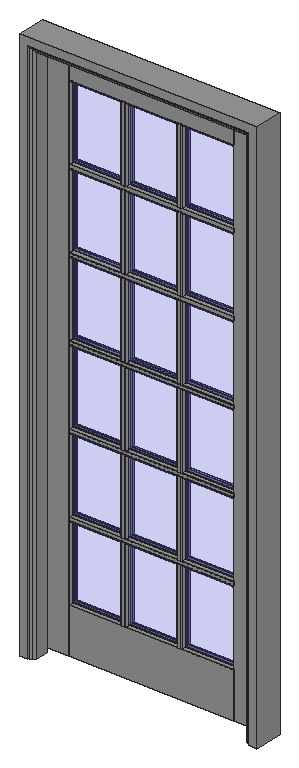
Revit family "I18LIGHT", category Doors, host Wall, Revit 2013
Parameters (values of type "I18LIGHT")
  Function = Interior
  Frame Projection Ext. = 25 mm
  Frame Projection Int. = 25 mm
  Frame Width = 75 mm
  Height = 2090 mm
  Wall Closure = By host
  Width = 889 mm
Reference planes
  plane 1: y = 0
  plane 2 "Center (Left/Right)": x = 0
  plane 3 "Left": x = -444.5
  plane 4 "Right": x = 444.5
  plane 5: z = 2090
  plane 6 "Exterior": y = 75
  plane 7 "Interior": y = -75
Forms (mm)
  Sweep 1, solid, material "Lauan, Meranti"
    path origin (0, 75, 0) x (1, 0, 0) y (0, 0, 1)
      loop
        line (444.5, 0) -> (444.5, 2090) -> (-444.5, 2090) -> (-444.5, 0)
    profile "Van Acht 105x50 Door Frame Routed Profile (Heavy) : Van Acht 105x50 Door Frame Routed Profile (Heavy)" origin (444.5, 75, 1045) x (-1, 0, 0) y (0, -1, 0)
      loop
        line (0, 22.5) -> (38, 22.5) -> (38, 67.5) -> (50, 67.5) -> (50, 112.5)
        arc (50, 112.5) -> (44.957, 114.29) -> (42.17, 118.859) r 8
        line (42.17, 118.859) -> (39, 118.859)
        arc (39, 118.859) -> (35.311, 122.973) -> (30, 124.5) r 10
        line (30, 124.5) -> (30, 127.5) -> (0, 127.5) -> (0, 22.5)
  Extrusion 2, solid, material "Lauan, Meranti"
    sketch origin (-203.551, -85, 0) x (0, 1, 0) y (0, 0, 1)
      loop
        line (132.5, 20) -> (132.5, 191) -> (102.5, 191) -> (102.5, 200) -> (100.5, 200) -> (100.5, 198)
        arc (100.5, 198) -> (96.134, 195.67) -> (94.5, 191) r 6.807
        line (94.5, 191) -> (92.5, 191) -> (92.5, 20) -> (132.5, 20)
      loop
        line (102.5, 1956) -> (132.5, 1956) -> (132.5, 2052) -> (92.5, 2052) -> (92.5, 1956) -> (94.5, 1956)
        arc (94.5, 1956) -> (96.134, 1951.33) -> (100.5, 1949) r 6.807
        line (100.5, 1949) -> (100.5, 1947) -> (102.5, 1947) -> (102.5, 1956)
    from -106.949 to 514.051
  Extrusion 3, solid, material "Lauan, Meranti"
    sketch origin (-411.5, 0, 0) x (1, 0, 0) y (0, 1, 0)
      loop
        line (722, 17.5) -> (713, 17.5) -> (713, 15.5) -> (715, 15.5)
        arc (715, 15.5) -> (717.33, 11.134) -> (722, 9.5) r 6.807
        line (722, 9.5) -> (722, 7.5) -> (818, 7.5) -> (818, 47.5) -> (722, 47.5) -> (722, 17.5)
      loop
        line (101, 17.5) -> (101, 47.5) -> (5, 47.5) -> (5, 7.5) -> (101, 7.5) -> (101, 9.5)
        arc (101, 9.5) -> (105.67, 11.134) -> (108, 15.5) r 6.807
        line (108, 15.5) -> (110, 15.5) -> (110, 17.5) -> (101, 17.5)
    from 20 to 2052
  Extrusion 4, solid, material "Lauan, Meranti"
    sketch origin (-164.346, 0, 1439.918) x (1, 0, 0) y (0, 1, 0)
      loop
        line (254.513, 17.5) -> (254.513, 15.5) -> (256.513, 15.5)
        arc (256.513, 15.5) -> (258.843, 11.134) -> (263.513, 9.5) r 6.807
        line (263.513, 9.5) -> (263.513, 7.5) -> (276.513, 7.5) -> (276.513, 9.5)
        arc (276.513, 9.5) -> (281.183, 11.134) -> (283.513, 15.5) r 6.807
        line (283.513, 15.5) -> (285.513, 15.5) -> (285.513, 17.5) -> (276.513, 17.5) -> (276.513, 47.5) -> (263.513, 47.5) -> (263.513, 17.5) -> (254.513, 17.5)
      loop
        line (74.18, 17.5) -> (65.18, 17.5) -> (65.18, 47.5) -> (52.18, 47.5) -> (52.18, 17.5) -> (43.18, 17.5) -> (43.18, 15.5) -> (45.18, 15.5)
        arc (45.18, 15.5) -> (47.509, 11.134) -> (52.18, 9.5) r 6.807
        line (52.18, 9.5) -> (52.18, 7.5) -> (65.18, 7.5) -> (65.18, 9.5)
        arc (65.18, 9.5) -> (69.85, 11.134) -> (72.18, 15.5) r 6.807
        line (72.18, 15.5) -> (74.18, 15.5) -> (74.18, 17.5)
    from 232.749 to 516.082
  Extrusion 5, solid, material "Lauan, Meranti"
    sketch origin (-411.51, 0, 0) x (0, 1, 0) y (0, 0, 1)
      loop
        line (17.5, 1650.667) -> (17.5, 1659.667) -> (47.5, 1659.667) -> (47.5, 1672.667) -> (17.5, 1672.667) -> (17.5, 1681.667) -> (15.5, 1681.667) -> (15.5, 1679.667)
        arc (15.5, 1679.667) -> (11.134, 1677.337) -> (9.5, 1672.667) r 6.807
        line (9.5, 1672.667) -> (7.5, 1672.667) -> (7.5, 1659.667) -> (9.5, 1659.667)
        arc (9.5, 1659.667) -> (11.134, 1654.996) -> (15.5, 1652.667) r 6.807
        line (15.5, 1652.667) -> (15.5, 1650.667) -> (17.5, 1650.667)
    from 101 to 722.01
  Extrusion 6, solid, material "Lauan, Meranti"
    sketch origin (-411.51, 0, -296.333) x (0, 1, 0) y (0, 0, 1)
      loop
        line (17.5, 1650.667) -> (17.5, 1659.667) -> (47.5, 1659.667) -> (47.5, 1672.667) -> (17.5, 1672.667) -> (17.5, 1681.667) -> (15.5, 1681.667) -> (15.5, 1679.667)
        arc (15.5, 1679.667) -> (11.134, 1677.337) -> (9.5, 1672.667) r 6.807
        line (9.5, 1672.667) -> (7.5, 1672.667) -> (7.5, 1659.667) -> (9.5, 1659.667)
        arc (9.5, 1659.667) -> (11.134, 1654.996) -> (15.5, 1652.667) r 6.807
        line (15.5, 1652.667) -> (15.5, 1650.667) -> (17.5, 1650.667)
    from 101 to 722.01
  Extrusion 7, solid, material "Lauan, Meranti"
    sketch origin (-411.51, 0, -592.667) x (0, 1, 0) y (0, 0, 1)
      loop
        line (17.5, 1650.667) -> (17.5, 1659.667) -> (47.5, 1659.667) -> (47.5, 1672.667) -> (17.5, 1672.667) -> (17.5, 1681.667) -> (15.5, 1681.667) -> (15.5, 1679.667)
        arc (15.5, 1679.667) -> (11.134, 1677.337) -> (9.5, 1672.667) r 6.807
        line (9.5, 1672.667) -> (7.5, 1672.667) -> (7.5, 1659.667) -> (9.5, 1659.667)
        arc (9.5, 1659.667) -> (11.134, 1654.996) -> (15.5, 1652.667) r 6.807
        line (15.5, 1652.667) -> (15.5, 1650.667) -> (17.5, 1650.667)
    from 101 to 722.01
  Extrusion 8, solid, material "Lauan, Meranti"
    sketch origin (-411.51, 0, -889) x (0, 1, 0) y (0, 0, 1)
      loop
        line (17.5, 1650.667) -> (17.5, 1659.667) -> (47.5, 1659.667) -> (47.5, 1672.667) -> (17.5, 1672.667) -> (17.5, 1681.667) -> (15.5, 1681.667) -> (15.5, 1679.667)
        arc (15.5, 1679.667) -> (11.134, 1677.337) -> (9.5, 1672.667) r 6.807
        line (9.5, 1672.667) -> (7.5, 1672.667) -> (7.5, 1659.667) -> (9.5, 1659.667)
        arc (9.5, 1659.667) -> (11.134, 1654.996) -> (15.5, 1652.667) r 6.807
        line (15.5, 1652.667) -> (15.5, 1650.667) -> (17.5, 1650.667)
    from 101 to 722.01
  Extrusion 9, solid, material "Lauan, Meranti"
    sketch origin (-411.51, 0, -1185.333) x (0, 1, 0) y (0, 0, 1)
      loop
        line (17.5, 1650.667) -> (17.5, 1659.667) -> (47.5, 1659.667) -> (47.5, 1672.667) -> (17.5, 1672.667) -> (17.5, 1681.667) -> (15.5, 1681.667) -> (15.5, 1679.667)
        arc (15.5, 1679.667) -> (11.134, 1677.337) -> (9.5, 1672.667) r 6.807
        line (9.5, 1672.667) -> (7.5, 1672.667) -> (7.5, 1659.667) -> (9.5, 1659.667)
        arc (9.5, 1659.667) -> (11.134, 1654.996) -> (15.5, 1652.667) r 6.807
        line (15.5, 1652.667) -> (15.5, 1650.667) -> (17.5, 1650.667)
    from 101 to 722.01
  Extrusion 10, solid, material "Glass"
    sketch origin (-627, 75, 0) x (1, 0, 0) y (0, 0, 1)
      loop
        line (514.833, 1956) -> (316.5, 1956) -> (316.5, 1672.667) -> (514.833, 1672.667) -> (514.833, 1956)
    from 49.5 to 57.5
  Sweep 11, solid, material "Lauan, Meranti"
    path origin (-627, 75, 0) x (1, 0, 0) y (0, 0, 1)
      loop
        line (514.833, 1956) -> (316.5, 1956) -> (316.5, 1672.667) -> (514.833, 1672.667) -> (514.833, 1956)
    profile origin (-211.333, 75, 1956) x (0, 0, -1) y (0, -1, 0)
      loop
        line (9, 49.5) -> (0, 49.5) -> (0, 41.5)
        arc (0, 41.5) -> (4.67, 43.134) -> (7, 47.5) r 6.807
        line (7, 47.5) -> (9, 47.5) -> (9, 49.5)
  Extrusion 12, solid, material "Lauan, Meranti"
    sketch origin (-164.346, 0, 1143.584) x (1, 0, 0) y (0, 1, 0)
      loop
        line (254.513, 17.5) -> (254.513, 15.5) -> (256.513, 15.5)
        arc (256.513, 15.5) -> (258.843, 11.134) -> (263.513, 9.5) r 6.807
        line (263.513, 9.5) -> (263.513, 7.5) -> (276.513, 7.5) -> (276.513, 9.5)
        arc (276.513, 9.5) -> (281.183, 11.134) -> (283.513, 15.5) r 6.807
        line (283.513, 15.5) -> (285.513, 15.5) -> (285.513, 17.5) -> (276.513, 17.5) -> (276.513, 47.5) -> (263.513, 47.5) -> (263.513, 17.5) -> (254.513, 17.5)
      loop
        line (74.18, 17.5) -> (65.18, 17.5) -> (65.18, 47.5) -> (52.18, 47.5) -> (52.18, 17.5) -> (43.18, 17.5) -> (43.18, 15.5) -> (45.18, 15.5)
        arc (45.18, 15.5) -> (47.509, 11.134) -> (52.18, 9.5) r 6.807
        line (52.18, 9.5) -> (52.18, 7.5) -> (65.18, 7.5) -> (65.18, 9.5)
        arc (65.18, 9.5) -> (69.85, 11.134) -> (72.18, 15.5) r 6.807
        line (72.18, 15.5) -> (74.18, 15.5) -> (74.18, 17.5)
    from 232.749 to 516.082
  Extrusion 13, solid, material "Lauan, Meranti"
    sketch origin (-164.346, 0, 847.251) x (1, 0, 0) y (0, 1, 0)
      loop
        line (254.513, 17.5) -> (254.513, 15.5) -> (256.513, 15.5)
        arc (256.513, 15.5) -> (258.843, 11.134) -> (263.513, 9.5) r 6.807
        line (263.513, 9.5) -> (263.513, 7.5) -> (276.513, 7.5) -> (276.513, 9.5)
        arc (276.513, 9.5) -> (281.183, 11.134) -> (283.513, 15.5) r 6.807
        line (283.513, 15.5) -> (285.513, 15.5) -> (285.513, 17.5) -> (276.513, 17.5) -> (276.513, 47.5) -> (263.513, 47.5) -> (263.513, 17.5) -> (254.513, 17.5)
      loop
        line (74.18, 17.5) -> (65.18, 17.5) -> (65.18, 47.5) -> (52.18, 47.5) -> (52.18, 17.5) -> (43.18, 17.5) -> (43.18, 15.5) -> (45.18, 15.5)
        arc (45.18, 15.5) -> (47.509, 11.134) -> (52.18, 9.5) r 6.807
        line (52.18, 9.5) -> (52.18, 7.5) -> (65.18, 7.5) -> (65.18, 9.5)
        arc (65.18, 9.5) -> (69.85, 11.134) -> (72.18, 15.5) r 6.807
        line (72.18, 15.5) -> (74.18, 15.5) -> (74.18, 17.5)
    from 232.749 to 516.082
  Extrusion 14, solid, material "Lauan, Meranti"
    sketch origin (-164.346, 0, 550.918) x (1, 0, 0) y (0, 1, 0)
      loop
        line (254.513, 17.5) -> (254.513, 15.5) -> (256.513, 15.5)
        arc (256.513, 15.5) -> (258.843, 11.134) -> (263.513, 9.5) r 6.807
        line (263.513, 9.5) -> (263.513, 7.5) -> (276.513, 7.5) -> (276.513, 9.5)
        arc (276.513, 9.5) -> (281.183, 11.134) -> (283.513, 15.5) r 6.807
        line (283.513, 15.5) -> (285.513, 15.5) -> (285.513, 17.5) -> (276.513, 17.5) -> (276.513, 47.5) -> (263.513, 47.5) -> (263.513, 17.5) -> (254.513, 17.5)
      loop
        line (74.18, 17.5) -> (65.18, 17.5) -> (65.18, 47.5) -> (52.18, 47.5) -> (52.18, 17.5) -> (43.18, 17.5) -> (43.18, 15.5) -> (45.18, 15.5)
        arc (45.18, 15.5) -> (47.509, 11.134) -> (52.18, 9.5) r 6.807
        line (52.18, 9.5) -> (52.18, 7.5) -> (65.18, 7.5) -> (65.18, 9.5)
        arc (65.18, 9.5) -> (69.85, 11.134) -> (72.18, 15.5) r 6.807
        line (72.18, 15.5) -> (74.18, 15.5) -> (74.18, 17.5)
    from 232.749 to 516.082
  Extrusion 15, solid, material "Lauan, Meranti"
    sketch origin (-164.346, 0, 254.584) x (1, 0, 0) y (0, 1, 0)
      loop
        line (254.513, 17.5) -> (254.513, 15.5) -> (256.513, 15.5)
        arc (256.513, 15.5) -> (258.843, 11.134) -> (263.513, 9.5) r 6.807
        line (263.513, 9.5) -> (263.513, 7.5) -> (276.513, 7.5) -> (276.513, 9.5)
        arc (276.513, 9.5) -> (281.183, 11.134) -> (283.513, 15.5) r 6.807
        line (283.513, 15.5) -> (285.513, 15.5) -> (285.513, 17.5) -> (276.513, 17.5) -> (276.513, 47.5) -> (263.513, 47.5) -> (263.513, 17.5) -> (254.513, 17.5)
      loop
        line (74.18, 17.5) -> (65.18, 17.5) -> (65.18, 47.5) -> (52.18, 47.5) -> (52.18, 17.5) -> (43.18, 17.5) -> (43.18, 15.5) -> (45.18, 15.5)
        arc (45.18, 15.5) -> (47.509, 11.134) -> (52.18, 9.5) r 6.807
        line (52.18, 9.5) -> (52.18, 7.5) -> (65.18, 7.5) -> (65.18, 9.5)
        arc (65.18, 9.5) -> (69.85, 11.134) -> (72.18, 15.5) r 6.807
        line (72.18, 15.5) -> (74.18, 15.5) -> (74.18, 17.5)
    from 232.749 to 516.082
  Extrusion 16, solid, material "Lauan, Meranti"
    sketch origin (-164.346, 0, -41.749) x (1, 0, 0) y (0, 1, 0)
      loop
        line (254.513, 17.5) -> (254.513, 15.5) -> (256.513, 15.5)
        arc (256.513, 15.5) -> (258.843, 11.134) -> (263.513, 9.5) r 6.807
        line (263.513, 9.5) -> (263.513, 7.5) -> (276.513, 7.5) -> (276.513, 9.5)
        arc (276.513, 9.5) -> (281.183, 11.134) -> (283.513, 15.5) r 6.807
        line (283.513, 15.5) -> (285.513, 15.5) -> (285.513, 17.5) -> (276.513, 17.5) -> (276.513, 47.5) -> (263.513, 47.5) -> (263.513, 17.5) -> (254.513, 17.5)
      loop
        line (74.18, 17.5) -> (65.18, 17.5) -> (65.18, 47.5) -> (52.18, 47.5) -> (52.18, 17.5) -> (43.18, 17.5) -> (43.18, 15.5) -> (45.18, 15.5)
        arc (45.18, 15.5) -> (47.509, 11.134) -> (52.18, 9.5) r 6.807
        line (52.18, 9.5) -> (52.18, 7.5) -> (65.18, 7.5) -> (65.18, 9.5)
        arc (65.18, 9.5) -> (69.85, 11.134) -> (72.18, 15.5) r 6.807
        line (72.18, 15.5) -> (74.18, 15.5) -> (74.18, 17.5)
    from 232.749 to 516.082
  Extrusion 17, solid, material "Glass"
    sketch origin (-415.667, 75, 0) x (1, 0, 0) y (0, 0, 1)
      loop
        line (514.833, 1956) -> (316.5, 1956) -> (316.5, 1672.667) -> (514.833, 1672.667) -> (514.833, 1956)
    from 49.5 to 57.5
  Extrusion 18, solid, material "Glass"
    sketch origin (-204.333, 75, 0) x (1, 0, 0) y (0, 0, 1)
      loop
        line (514.833, 1956) -> (316.5, 1956) -> (316.5, 1672.667) -> (514.833, 1672.667) -> (514.833, 1956)
    from 49.5 to 57.5
  Extrusion 19, solid, material "Glass"
    sketch origin (-627, 75, -296.333) x (1, 0, 0) y (0, 0, 1)
      loop
        line (514.833, 1956) -> (316.5, 1956) -> (316.5, 1672.667) -> (514.833, 1672.667) -> (514.833, 1956)
    from 49.5 to 57.5
  Extrusion 20, solid, material "Glass"
    sketch origin (-415.667, 75, -296.333) x (1, 0, 0) y (0, 0, 1)
      loop
        line (514.833, 1956) -> (316.5, 1956) -> (316.5, 1672.667) -> (514.833, 1672.667) -> (514.833, 1956)
    from 49.5 to 57.5
  Extrusion 21, solid, material "Glass"
    sketch origin (-204.333, 75, -296.333) x (1, 0, 0) y (0, 0, 1)
      loop
        line (514.833, 1956) -> (316.5, 1956) -> (316.5, 1672.667) -> (514.833, 1672.667) -> (514.833, 1956)
    from 49.5 to 57.5
  Extrusion 22, solid, material "Glass"
    sketch origin (-627, 75, -592.667) x (1, 0, 0) y (0, 0, 1)
      loop
        line (514.833, 1956) -> (316.5, 1956) -> (316.5, 1672.667) -> (514.833, 1672.667) -> (514.833, 1956)
    from 49.5 to 57.5
  Extrusion 23, solid, material "Glass"
    sketch origin (-415.667, 75, -592.667) x (1, 0, 0) y (0, 0, 1)
      loop
        line (514.833, 1956) -> (316.5, 1956) -> (316.5, 1672.667) -> (514.833, 1672.667) -> (514.833, 1956)
    from 49.5 to 57.5
  Extrusion 24, solid, material "Glass"
    sketch origin (-204.333, 75, -592.667) x (1, 0, 0) y (0, 0, 1)
      loop
        line (514.833, 1956) -> (316.5, 1956) -> (316.5, 1672.667) -> (514.833, 1672.667) -> (514.833, 1956)
    from 49.5 to 57.5
  Extrusion 25, solid, material "Glass"
    sketch origin (-627, 75, -889) x (1, 0, 0) y (0, 0, 1)
      loop
        line (514.833, 1956) -> (316.5, 1956) -> (316.5, 1672.667) -> (514.833, 1672.667) -> (514.833, 1956)
    from 49.5 to 57.5
  Extrusion 26, solid, material "Glass"
    sketch origin (-415.667, 75, -889) x (1, 0, 0) y (0, 0, 1)
      loop
        line (514.833, 1956) -> (316.5, 1956) -> (316.5, 1672.667) -> (514.833, 1672.667) -> (514.833, 1956)
    from 49.5 to 57.5
  Extrusion 27, solid, material "Glass"
    sketch origin (-204.333, 75, -889) x (1, 0, 0) y (0, 0, 1)
      loop
        line (514.833, 1956) -> (316.5, 1956) -> (316.5, 1672.667) -> (514.833, 1672.667) -> (514.833, 1956)
    from 49.5 to 57.5
  Extrusion 28, solid, material "Glass"
    sketch origin (-627, 75, -1185.333) x (1, 0, 0) y (0, 0, 1)
      loop
        line (514.833, 1956) -> (316.5, 1956) -> (316.5, 1672.667) -> (514.833, 1672.667) -> (514.833, 1956)
    from 49.5 to 57.5
  Extrusion 29, solid, material "Glass"
    sketch origin (-415.667, 75, -1185.333) x (1, 0, 0) y (0, 0, 1)
      loop
        line (514.833, 1956) -> (316.5, 1956) -> (316.5, 1672.667) -> (514.833, 1672.667) -> (514.833, 1956)
    from 49.5 to 57.5
  Extrusion 30, solid, material "Glass"
    sketch origin (-204.333, 75, -1185.333) x (1, 0, 0) y (0, 0, 1)
      loop
        line (514.833, 1956) -> (316.5, 1956) -> (316.5, 1672.667) -> (514.833, 1672.667) -> (514.833, 1956)
    from 49.5 to 57.5
  Extrusion 31, solid, material "Glass"
    sketch origin (-627, 75, -1481.667) x (1, 0, 0) y (0, 0, 1)
      loop
        line (514.833, 1956) -> (316.5, 1956) -> (316.5, 1672.667) -> (514.833, 1672.667) -> (514.833, 1956)
    from 49.5 to 57.5
  Extrusion 32, solid, material "Glass"
    sketch origin (-415.667, 75, -1481.667) x (1, 0, 0) y (0, 0, 1)
      loop
        line (514.833, 1956) -> (316.5, 1956) -> (316.5, 1672.667) -> (514.833, 1672.667) -> (514.833, 1956)
    from 49.5 to 57.5
  Extrusion 33, solid, material "Glass"
    sketch origin (-204.333, 75, -1481.667) x (1, 0, 0) y (0, 0, 1)
      loop
        line (514.833, 1956) -> (316.5, 1956) -> (316.5, 1672.667) -> (514.833, 1672.667) -> (514.833, 1956)
    from 49.5 to 57.5
  Sweep 34, solid, material "Lauan, Meranti"
    path origin (-415.914, 75, 0) x (1, 0, 0) y (0, 0, 1)
      loop
        line (515.081, 1956) -> (316.747, 1956) -> (316.747, 1672.667) -> (515.081, 1672.667) -> (515.081, 1956)
    profile origin (0, 75, 1956) x (0, 0, -1) y (0, -1, 0)
      loop
        line (9, 49.5) -> (0, 49.5) -> (0, 41.5)
        arc (0, 41.5) -> (4.67, 43.134) -> (7, 47.5) r 6.807
        line (7, 47.5) -> (9, 47.5) -> (9, 49.5)
  Sweep 35, solid, material "Lauan, Meranti"
    path origin (-204.344, 75, 0) x (1, 0, 0) y (0, 0, 1)
      loop
        line (514.833, 1956) -> (316.5, 1956) -> (316.5, 1672.667) -> (514.833, 1672.667) -> (514.833, 1956)
    profile origin (211.322, 75, 1956) x (0, 0, -1) y (0, -1, 0)
      loop
        line (9, 49.5) -> (0, 49.5) -> (0, 41.5)
        arc (0, 41.5) -> (4.67, 43.134) -> (7, 47.5) r 6.807
        line (7, 47.5) -> (9, 47.5) -> (9, 49.5)
  Sweep 36, solid, material "Lauan, Meranti"
    path origin (-627, 75, -296.333) x (1, 0, 0) y (0, 0, 1)
      loop
        line (514.833, 1956) -> (316.5, 1956) -> (316.5, 1672.667) -> (514.833, 1672.667) -> (514.833, 1956)
    profile origin (-211.333, 75, 1659.667) x (0, 0, -1) y (0, -1, 0)
      loop
        line (9, 49.5) -> (0, 49.5) -> (0, 41.5)
        arc (0, 41.5) -> (4.67, 43.134) -> (7, 47.5) r 6.807
        line (7, 47.5) -> (9, 47.5) -> (9, 49.5)
  Sweep 37, solid, material "Lauan, Meranti"
    path origin (-415.914, 75, -296.333) x (1, 0, 0) y (0, 0, 1)
      loop
        line (515.081, 1956) -> (316.747, 1956) -> (316.747, 1672.667) -> (515.081, 1672.667) -> (515.081, 1956)
    profile origin (0, 75, 1659.667) x (0, 0, -1) y (0, -1, 0)
      loop
        line (9, 49.5) -> (0, 49.5) -> (0, 41.5)
        arc (0, 41.5) -> (4.67, 43.134) -> (7, 47.5) r 6.807
        line (7, 47.5) -> (9, 47.5) -> (9, 49.5)
  Sweep 38, solid, material "Lauan, Meranti"
    path origin (-204.344, 75, -296.333) x (1, 0, 0) y (0, 0, 1)
      loop
        line (514.833, 1956) -> (316.5, 1956) -> (316.5, 1672.667) -> (514.833, 1672.667) -> (514.833, 1956)
    profile origin (211.322, 75, 1659.667) x (0, 0, -1) y (0, -1, 0)
      loop
        line (9, 49.5) -> (0, 49.5) -> (0, 41.5)
        arc (0, 41.5) -> (4.67, 43.134) -> (7, 47.5) r 6.807
        line (7, 47.5) -> (9, 47.5) -> (9, 49.5)
  Sweep 39, solid, material "Lauan, Meranti"
    path origin (-627, 75, -592.667) x (1, 0, 0) y (0, 0, 1)
      loop
        line (514.833, 1956) -> (316.5, 1956) -> (316.5, 1672.667) -> (514.833, 1672.667) -> (514.833, 1956)
    profile origin (-211.333, 75, 1363.333) x (0, 0, -1) y (0, -1, 0)
      loop
        line (9, 49.5) -> (0, 49.5) -> (0, 41.5)
        arc (0, 41.5) -> (4.67, 43.134) -> (7, 47.5) r 6.807
        line (7, 47.5) -> (9, 47.5) -> (9, 49.5)
  Sweep 40, solid, material "Lauan, Meranti"
    path origin (-415.914, 75, -592.667) x (1, 0, 0) y (0, 0, 1)
      loop
        line (515.081, 1956) -> (316.747, 1956) -> (316.747, 1672.667) -> (515.081, 1672.667) -> (515.081, 1956)
    profile origin (0, 75, 1363.333) x (0, 0, -1) y (0, -1, 0)
      loop
        line (9, 49.5) -> (0, 49.5) -> (0, 41.5)
        arc (0, 41.5) -> (4.67, 43.134) -> (7, 47.5) r 6.807
        line (7, 47.5) -> (9, 47.5) -> (9, 49.5)
  Sweep 41, solid, material "Lauan, Meranti"
    path origin (-204.344, 75, -592.667) x (1, 0, 0) y (0, 0, 1)
      loop
        line (514.833, 1956) -> (316.5, 1956) -> (316.5, 1672.667) -> (514.833, 1672.667) -> (514.833, 1956)
    profile origin (211.322, 75, 1363.333) x (0, 0, -1) y (0, -1, 0)
      loop
        line (9, 49.5) -> (0, 49.5) -> (0, 41.5)
        arc (0, 41.5) -> (4.67, 43.134) -> (7, 47.5) r 6.807
        line (7, 47.5) -> (9, 47.5) -> (9, 49.5)
  Sweep 42, solid, material "Lauan, Meranti"
    path origin (-627, 75, -889) x (1, 0, 0) y (0, 0, 1)
      loop
        line (514.833, 1956) -> (316.5, 1956) -> (316.5, 1672.667) -> (514.833, 1672.667) -> (514.833, 1956)
    profile origin (-211.333, 75, 1067) x (0, 0, -1) y (0, -1, 0)
      loop
        line (9, 49.5) -> (0, 49.5) -> (0, 41.5)
        arc (0, 41.5) -> (4.67, 43.134) -> (7, 47.5) r 6.807
        line (7, 47.5) -> (9, 47.5) -> (9, 49.5)
  Sweep 43, solid, material "Lauan, Meranti"
    path origin (-415.914, 75, -889) x (1, 0, 0) y (0, 0, 1)
      loop
        line (515.081, 1956) -> (316.747, 1956) -> (316.747, 1672.667) -> (515.081, 1672.667) -> (515.081, 1956)
    profile origin (0, 75, 1067) x (0, 0, -1) y (0, -1, 0)
      loop
        line (9, 49.5) -> (0, 49.5) -> (0, 41.5)
        arc (0, 41.5) -> (4.67, 43.134) -> (7, 47.5) r 6.807
        line (7, 47.5) -> (9, 47.5) -> (9, 49.5)
  Sweep 44, solid, material "Lauan, Meranti"
    path origin (-204.344, 75, -889) x (1, 0, 0) y (0, 0, 1)
      loop
        line (514.833, 1956) -> (316.5, 1956) -> (316.5, 1672.667) -> (514.833, 1672.667) -> (514.833, 1956)
    profile origin (211.322, 75, 1067) x (0, 0, -1) y (0, -1, 0)
      loop
        line (9, 49.5) -> (0, 49.5) -> (0, 41.5)
        arc (0, 41.5) -> (4.67, 43.134) -> (7, 47.5) r 6.807
        line (7, 47.5) -> (9, 47.5) -> (9, 49.5)
  Sweep 45, solid, material "Lauan, Meranti"
    path origin (-627, 75, -1185.333) x (1, 0, 0) y (0, 0, 1)
      loop
        line (514.833, 1956) -> (316.5, 1956) -> (316.5, 1672.667) -> (514.833, 1672.667) -> (514.833, 1956)
    profile origin (-211.333, 75, 770.667) x (0, 0, -1) y (0, -1, 0)
      loop
        line (9, 49.5) -> (0, 49.5) -> (0, 41.5)
        arc (0, 41.5) -> (4.67, 43.134) -> (7, 47.5) r 6.807
        line (7, 47.5) -> (9, 47.5) -> (9, 49.5)
  Sweep 46, solid, material "Lauan, Meranti"
    path origin (-415.914, 75, -1185.333) x (1, 0, 0) y (0, 0, 1)
      loop
        line (515.081, 1956) -> (316.747, 1956) -> (316.747, 1672.667) -> (515.081, 1672.667) -> (515.081, 1956)
    profile origin (0, 75, 770.667) x (0, 0, -1) y (0, -1, 0)
      loop
        line (9, 49.5) -> (0, 49.5) -> (0, 41.5)
        arc (0, 41.5) -> (4.67, 43.134) -> (7, 47.5) r 6.807
        line (7, 47.5) -> (9, 47.5) -> (9, 49.5)
  Sweep 47, solid, material "Lauan, Meranti"
    path origin (-204.344, 75, -1185.333) x (1, 0, 0) y (0, 0, 1)
      loop
        line (514.833, 1956) -> (316.5, 1956) -> (316.5, 1672.667) -> (514.833, 1672.667) -> (514.833, 1956)
    profile origin (211.322, 75, 770.667) x (0, 0, -1) y (0, -1, 0)
      loop
        line (9, 49.5) -> (0, 49.5) -> (0, 41.5)
        arc (0, 41.5) -> (4.67, 43.134) -> (7, 47.5) r 6.807
        line (7, 47.5) -> (9, 47.5) -> (9, 49.5)
  Sweep 48, solid, material "Lauan, Meranti"
    path origin (-627, 75, -1481.667) x (1, 0, 0) y (0, 0, 1)
      loop
        line (514.833, 1956) -> (316.5, 1956) -> (316.5, 1672.667) -> (514.833, 1672.667) -> (514.833, 1956)
    profile origin (-211.333, 75, 474.333) x (0, 0, -1) y (0, -1, 0)
      loop
        line (9, 49.5) -> (0, 49.5) -> (0, 41.5)
        arc (0, 41.5) -> (4.67, 43.134) -> (7, 47.5) r 6.807
        line (7, 47.5) -> (9, 47.5) -> (9, 49.5)
  Sweep 49, solid, material "Lauan, Meranti"
    path origin (-415.914, 75, -1481.667) x (1, 0, 0) y (0, 0, 1)
      loop
        line (515.081, 1956) -> (316.747, 1956) -> (316.747, 1672.667) -> (515.081, 1672.667) -> (515.081, 1956)
    profile origin (0, 75, 474.333) x (0, 0, -1) y (0, -1, 0)
      loop
        line (9, 49.5) -> (0, 49.5) -> (0, 41.5)
        arc (0, 41.5) -> (4.67, 43.134) -> (7, 47.5) r 6.807
        line (7, 47.5) -> (9, 47.5) -> (9, 49.5)
  Sweep 50, solid, material "Lauan, Meranti"
    path origin (-204.344, 75, -1481.667) x (1, 0, 0) y (0, 0, 1)
      loop
        line (514.833, 1956) -> (316.5, 1956) -> (316.5, 1672.667) -> (514.833, 1672.667) -> (514.833, 1956)
    profile origin (211.322, 75, 474.333) x (0, 0, -1) y (0, -1, 0)
      loop
        line (9, 49.5) -> (0, 49.5) -> (0, 41.5)
        arc (0, 41.5) -> (4.67, 43.134) -> (7, 47.5) r 6.807
        line (7, 47.5) -> (9, 47.5) -> (9, 49.5)
Lines and regions (mm)
  Opening 1
    outline origin (-3050, -75, 0) x (1, 0, 0) y (0, 0, 1)
      loop
        line (2605.5, 0) -> (3494.5, 0) -> (3494.5, 2090) -> (2605.5, 2090) -> (2605.5, 0)
  symbolic lines, style "Elevation Swing"
    curve 1: line (444.5, -75, 1045) -> (-444.5, -75, 2090)
    curve 2: line (444.5, -75, 1045) -> (-444.5, -75, 0)
  model lines
    curve 3: line (-406.5, 52.5, 0) -> (-406.5, 865.5, 0)
    curve 4: arc (-406.5, 865.5, 0) -> (168.378, 627.378, 0) -> (406.5, 52.5, 0) r 813
Text (mm)
  text "Exterior" at (-2295.016, 1099.543, 0), in view "Ref. Level"
  text "Exterior" at (0, 1615.38, 3698.081), in view "Left"
  text "Exterior" at (0, 1036.032, 3874.932), in view "Right"
Dimensions and locks
  equal spacing: plane 3 "Left", plane 2 "Center (Left/Right)", plane 4 "Right"
  "Width": plane 3 "Left" to plane 4 "Right"
  "Height": plane 5 to host wall
  equal spacing: host wall, curve 2, plane 5
  host wall to plane 5 = 2090 mm
  locked: plane 6 "Exterior" to host wall at 0
  locked: plane 7 "Interior" to host wall
  plane 3 "Left" to plane 4 "Right" = 889 mm  (x2)
  Sweep 1 to Sweep 1 = 813 mm
  Extrusion 3 to Sweep 1 = 2032 mm
  aligned and locked: plane 3 "Left" to Opening 1 sketch curve
  aligned and locked: plane 5 to Opening 1 sketch curve  (x2)
  aligned and locked: Opening 1 sketch curve to plane 4 "Right"
  aligned and locked: Opening 1 sketch curve to level
  aligned and locked: plane 5 to curve 1
  aligned and locked: plane 3 "Left" to curve 2
  aligned and locked: plane 1 to host wall
  aligned and locked: plane 3 "Left" to curve 1
Automatic sketch dimensions
  plane 4 "Right" to curve 2 = 0 mm
  curve 2 to level = 0 mm
  plane 3 "Left" to Sweep 1 sketch curve = 0 mm
  plane 4 "Right" to Sweep 1 sketch curve = 0 mm
  Sweep 1 sketch curve to plane 5 = 0 mm
  Sweep 1 sketch curve to level = 0 mm  (x2)
  curve 3 to plane 3 "Left" = 38 mm
  plane 4 "Right" to curve 4 = 38 mm
  host wall to curve 3 = 790.5 mm
  curve 3 to curve 4 = 0 mm
  Extrusion 2 sketch curve to host wall = 7.5 mm  (x2)
  level to Extrusion 2 sketch curve = 20 mm
  Extrusion 2 sketch curve to Extrusion 2 sketch curve = 2 mm  (x6)
  Extrusion 2 sketch curve to Extrusion 2 sketch curve = 6 mm  (x2)
  Extrusion 2 sketch curve to host wall = 27.5 mm  (x2)
  Extrusion 2 sketch curve to Extrusion 2 sketch curve = 1.197 mm  (x2)
  Extrusion 2 sketch curve to Extrusion 2 sketch curve = 171 mm
  Extrusion 2 sketch curve to Extrusion 2 sketch curve = 0 mm  (x2)
  Extrusion 2 sketch curve to Extrusion 2 sketch curve = 7 mm  (x2)
  plane 5 to Extrusion 2 sketch curve = 143 mm
  plane 5 to Extrusion 2 sketch curve = 38 mm
  Extrusion 3 sketch curve to plane 3 "Left" = 38 mm
  Extrusion 3 sketch curve to host wall = 7.5 mm  (x2)
  Extrusion 3 sketch curve to Extrusion 3 sketch curve = 96 mm
  Extrusion 3 sketch curve to Extrusion 3 sketch curve = 0 mm  (x2)
  Extrusion 3 sketch curve to Extrusion 3 sketch curve = 7 mm  (x2)
  Extrusion 3 sketch curve to Extrusion 3 sketch curve = 2 mm  (x6)
  Extrusion 3 sketch curve to host wall = 17.5 mm
  plane 4 "Right" to Extrusion 3 sketch curve = 143 mm
  plane 4 "Right" to Extrusion 3 sketch curve = 38 mm
  Extrusion 3 sketch curve to Extrusion 3 sketch curve = 0.241 mm  (x2)
  Extrusion 3 sketch curve to Extrusion 3 sketch curve = 6 mm
  Extrusion 3 sketch curve to host wall = 27.5 mm  (x2)
  Extrusion 4 sketch curve to host wall = 17.5 mm  (x2)
  Extrusion 4 sketch curve to plane 2 "Center (Left/Right)" = 121.167 mm
  Extrusion 4 sketch curve to host wall = 7.5 mm  (x2)
  Extrusion 4 sketch curve to Extrusion 4 sketch curve = 2 mm  (x11)
  Extrusion 4 sketch curve to Extrusion 4 sketch curve = 7 mm  (x3)
  Extrusion 4 sketch curve to Extrusion 4 sketch curve = 0 mm  (x4)
  Extrusion 4 sketch curve to Extrusion 4 sketch curve = 13 mm  (x2)
  plane 2 "Center (Left/Right)" to Extrusion 4 sketch curve = 90.167 mm
  Extrusion 4 sketch curve to Extrusion 4 sketch curve = 9 mm
  Extrusion 4 sketch curve to Extrusion 4 sketch curve = 0.241 mm  (x4)
  Extrusion 4 sketch curve to Extrusion 4 sketch curve = 6 mm  (x2)
  Extrusion 4 sketch curve to Extrusion 4 sketch curve = 1.197 mm
  Extrusion 4 sketch curve to host wall = 27.5 mm  (x2)
  Extrusion 5 sketch curve to host wall = 7.5 mm
  Extrusion 5 sketch curve to host wall = 15.5 mm
  plane 5 to Extrusion 5 sketch curve = 439.333 mm
  Extrusion 5 sketch curve to Extrusion 5 sketch curve = 2 mm  (x6)
  Extrusion 5 sketch curve to Extrusion 5 sketch curve = 6 mm
  Extrusion 5 sketch curve to host wall = 27.5 mm
  Extrusion 5 sketch curve to Extrusion 5 sketch curve = 1.197 mm  (x2)
  Extrusion 5 sketch curve to Extrusion 5 sketch curve = 9 mm
  Extrusion 5 sketch curve to Extrusion 5 sketch curve = 0 mm
  Extrusion 5 sketch curve to Extrusion 5 sketch curve = 13 mm  (x2)
  Extrusion 5 sketch curve to Extrusion 5 sketch curve = 7 mm
  Extrusion 6 sketch curve to host wall = 7.5 mm
  Extrusion 6 sketch curve to host wall = 15.5 mm
  plane 5 to Extrusion 6 sketch curve = 735.667 mm
  Extrusion 6 sketch curve to Extrusion 6 sketch curve = 2 mm  (x6)
  Extrusion 6 sketch curve to Extrusion 6 sketch curve = 6 mm
  Extrusion 6 sketch curve to host wall = 27.5 mm
  Extrusion 6 sketch curve to Extrusion 6 sketch curve = 1.197 mm  (x2)
  Extrusion 6 sketch curve to Extrusion 6 sketch curve = 9 mm
  Extrusion 6 sketch curve to Extrusion 6 sketch curve = 0 mm
  Extrusion 6 sketch curve to Extrusion 6 sketch curve = 13 mm  (x2)
  Extrusion 6 sketch curve to Extrusion 6 sketch curve = 7 mm
  Extrusion 7 sketch curve to host wall = 7.5 mm
  Extrusion 7 sketch curve to host wall = 15.5 mm
  plane 5 to Extrusion 7 sketch curve = 1032 mm
  Extrusion 7 sketch curve to Extrusion 7 sketch curve = 2 mm  (x6)
  Extrusion 7 sketch curve to Extrusion 7 sketch curve = 6 mm
  Extrusion 7 sketch curve to host wall = 27.5 mm
  Extrusion 7 sketch curve to Extrusion 7 sketch curve = 1.197 mm  (x2)
  Extrusion 7 sketch curve to Extrusion 7 sketch curve = 9 mm
  Extrusion 7 sketch curve to Extrusion 7 sketch curve = 0 mm
  Extrusion 7 sketch curve to Extrusion 7 sketch curve = 13 mm  (x2)
  Extrusion 7 sketch curve to Extrusion 7 sketch curve = 7 mm
  Extrusion 8 sketch curve to host wall = 7.5 mm
  Extrusion 8 sketch curve to host wall = 15.5 mm
  level to Extrusion 8 sketch curve = 761.667 mm
  Extrusion 8 sketch curve to Extrusion 8 sketch curve = 2 mm  (x6)
  Extrusion 8 sketch curve to Extrusion 8 sketch curve = 6 mm
  Extrusion 8 sketch curve to host wall = 27.5 mm
  Extrusion 8 sketch curve to Extrusion 8 sketch curve = 1.197 mm  (x2)
  Extrusion 8 sketch curve to Extrusion 8 sketch curve = 9 mm
  Extrusion 8 sketch curve to Extrusion 8 sketch curve = 0 mm
  Extrusion 8 sketch curve to Extrusion 8 sketch curve = 13 mm  (x2)
  Extrusion 8 sketch curve to Extrusion 8 sketch curve = 7 mm
  Extrusion 9 sketch curve to host wall = 7.5 mm
  Extrusion 9 sketch curve to host wall = 15.5 mm
  level to Extrusion 9 sketch curve = 465.333 mm
  Extrusion 9 sketch curve to Extrusion 9 sketch curve = 2 mm  (x6)
  Extrusion 9 sketch curve to Extrusion 9 sketch curve = 6 mm
  Extrusion 9 sketch curve to host wall = 27.5 mm
  Extrusion 9 sketch curve to Extrusion 9 sketch curve = 1.197 mm  (x2)
  Extrusion 9 sketch curve to Extrusion 9 sketch curve = 9 mm
  Extrusion 9 sketch curve to Extrusion 9 sketch curve = 0 mm
  Extrusion 9 sketch curve to Extrusion 9 sketch curve = 13 mm  (x2)
  Extrusion 9 sketch curve to Extrusion 9 sketch curve = 7 mm
  Extrusion 10 sketch curve to plane 3 "Left" = 134 mm
  Extrusion 10 sketch curve to plane 2 "Center (Left/Right)" = 112.167 mm
  plane 5 to Extrusion 10 sketch curve = 417.333 mm
  plane 5 to Extrusion 10 sketch curve = 134 mm
  Sweep 11 sketch curve to plane 3 "Left" = 134 mm
  Sweep 11 sketch curve to plane 2 "Center (Left/Right)" = 112.167 mm
  plane 5 to Sweep 11 sketch curve = 417.333 mm
  plane 5 to Sweep 11 sketch curve = 134 mm
  Sweep 11 sketch curve to profile plane = 0 mm
  profile plane to Sweep 11 sketch curve = 41.5 mm
  Sweep 11 sketch curve to profile plane = 7 mm
  Sweep 11 sketch curve to Sweep 11 sketch curve = 2 mm  (x2)
  Sweep 11 sketch curve to profile plane = 0.241 mm
  Sweep 11 sketch curve to Sweep 11 sketch curve = 6 mm
  Extrusion 12 sketch curve to host wall = 17.5 mm  (x2)
  Extrusion 12 sketch curve to plane 2 "Center (Left/Right)" = 121.167 mm
  Extrusion 12 sketch curve to host wall = 7.5 mm  (x2)
  Extrusion 12 sketch curve to Extrusion 12 sketch curve = 2 mm  (x11)
  Extrusion 12 sketch curve to Extrusion 12 sketch curve = 7 mm  (x3)
  Extrusion 12 sketch curve to Extrusion 12 sketch curve = 0 mm  (x4)
  Extrusion 12 sketch curve to Extrusion 12 sketch curve = 13 mm  (x2)
  plane 2 "Center (Left/Right)" to Extrusion 12 sketch curve = 90.167 mm
  Extrusion 12 sketch curve to Extrusion 12 sketch curve = 9 mm
  Extrusion 12 sketch curve to Extrusion 12 sketch curve = 0.241 mm  (x4)
  Extrusion 12 sketch curve to Extrusion 12 sketch curve = 6 mm  (x2)
  Extrusion 12 sketch curve to Extrusion 12 sketch curve = 1.197 mm
  Extrusion 12 sketch curve to host wall = 27.5 mm  (x2)
  Extrusion 13 sketch curve to host wall = 17.5 mm  (x2)
  Extrusion 13 sketch curve to plane 2 "Center (Left/Right)" = 121.167 mm
  Extrusion 13 sketch curve to host wall = 7.5 mm  (x2)
  Extrusion 13 sketch curve to Extrusion 13 sketch curve = 2 mm  (x11)
  Extrusion 13 sketch curve to Extrusion 13 sketch curve = 7 mm  (x3)
  Extrusion 13 sketch curve to Extrusion 13 sketch curve = 0 mm  (x4)
  Extrusion 13 sketch curve to Extrusion 13 sketch curve = 13 mm  (x2)
  plane 2 "Center (Left/Right)" to Extrusion 13 sketch curve = 90.167 mm
  Extrusion 13 sketch curve to Extrusion 13 sketch curve = 9 mm
  Extrusion 13 sketch curve to Extrusion 13 sketch curve = 0.241 mm  (x4)
  Extrusion 13 sketch curve to Extrusion 13 sketch curve = 6 mm  (x2)
  Extrusion 13 sketch curve to Extrusion 13 sketch curve = 1.197 mm
  Extrusion 13 sketch curve to host wall = 27.5 mm  (x2)
  Extrusion 14 sketch curve to host wall = 17.5 mm  (x2)
  Extrusion 14 sketch curve to plane 2 "Center (Left/Right)" = 121.167 mm
  Extrusion 14 sketch curve to host wall = 7.5 mm  (x2)
  Extrusion 14 sketch curve to Extrusion 14 sketch curve = 2 mm  (x11)
  Extrusion 14 sketch curve to Extrusion 14 sketch curve = 7 mm  (x3)
  Extrusion 14 sketch curve to Extrusion 14 sketch curve = 0 mm  (x4)
  Extrusion 14 sketch curve to Extrusion 14 sketch curve = 13 mm  (x2)
  plane 2 "Center (Left/Right)" to Extrusion 14 sketch curve = 90.167 mm
  Extrusion 14 sketch curve to Extrusion 14 sketch curve = 9 mm
  Extrusion 14 sketch curve to Extrusion 14 sketch curve = 0.241 mm  (x4)
  Extrusion 14 sketch curve to Extrusion 14 sketch curve = 6 mm  (x2)
  Extrusion 14 sketch curve to Extrusion 14 sketch curve = 1.197 mm
  Extrusion 14 sketch curve to host wall = 27.5 mm  (x2)
  Extrusion 15 sketch curve to host wall = 17.5 mm  (x2)
  Extrusion 15 sketch curve to plane 2 "Center (Left/Right)" = 121.167 mm
  Extrusion 15 sketch curve to host wall = 7.5 mm  (x2)
  Extrusion 15 sketch curve to Extrusion 15 sketch curve = 2 mm  (x11)
  Extrusion 15 sketch curve to Extrusion 15 sketch curve = 7 mm  (x3)
  Extrusion 15 sketch curve to Extrusion 15 sketch curve = 0 mm  (x4)
  Extrusion 15 sketch curve to Extrusion 15 sketch curve = 13 mm  (x2)
  plane 2 "Center (Left/Right)" to Extrusion 15 sketch curve = 90.167 mm
  Extrusion 15 sketch curve to Extrusion 15 sketch curve = 9 mm
  Extrusion 15 sketch curve to Extrusion 15 sketch curve = 0.241 mm  (x4)
  Extrusion 15 sketch curve to Extrusion 15 sketch curve = 6 mm  (x2)
  Extrusion 15 sketch curve to Extrusion 15 sketch curve = 1.197 mm
  Extrusion 15 sketch curve to host wall = 27.5 mm  (x2)
  Extrusion 16 sketch curve to host wall = 17.5 mm  (x2)
  Extrusion 16 sketch curve to plane 2 "Center (Left/Right)" = 121.167 mm
  Extrusion 16 sketch curve to host wall = 7.5 mm  (x2)
  Extrusion 16 sketch curve to Extrusion 16 sketch curve = 2 mm  (x11)
  Extrusion 16 sketch curve to Extrusion 16 sketch curve = 7 mm  (x3)
  Extrusion 16 sketch curve to Extrusion 16 sketch curve = 0 mm  (x4)
  Extrusion 16 sketch curve to Extrusion 16 sketch curve = 13 mm  (x2)
  plane 2 "Center (Left/Right)" to Extrusion 16 sketch curve = 90.167 mm
  Extrusion 16 sketch curve to Extrusion 16 sketch curve = 9 mm
  Extrusion 16 sketch curve to Extrusion 16 sketch curve = 0.241 mm  (x4)
  Extrusion 16 sketch curve to Extrusion 16 sketch curve = 6 mm  (x2)
  Extrusion 16 sketch curve to Extrusion 16 sketch curve = 1.197 mm
  Extrusion 16 sketch curve to host wall = 27.5 mm  (x2)
  Extrusion 17 sketch curve to plane 2 "Center (Left/Right)" = 99.167 mm
  plane 2 "Center (Left/Right)" to Extrusion 17 sketch curve = 99.167 mm
  plane 5 to Extrusion 17 sketch curve = 417.333 mm
  plane 5 to Extrusion 17 sketch curve = 134 mm
  plane 2 "Center (Left/Right)" to Extrusion 18 sketch curve = 112.167 mm
  plane 4 "Right" to Extrusion 18 sketch curve = 134 mm
  plane 5 to Extrusion 18 sketch curve = 417.333 mm
  plane 5 to Extrusion 18 sketch curve = 134 mm
  Extrusion 19 sketch curve to plane 3 "Left" = 134 mm
  Extrusion 19 sketch curve to plane 2 "Center (Left/Right)" = 112.167 mm
  plane 5 to Extrusion 19 sketch curve = 713.667 mm
  Extrusion 19 sketch curve to Extrusion 19 sketch curve = 283.333 mm
  Extrusion 20 sketch curve to plane 2 "Center (Left/Right)" = 99.167 mm
  plane 2 "Center (Left/Right)" to Extrusion 20 sketch curve = 99.167 mm
  plane 5 to Extrusion 20 sketch curve = 713.667 mm
  Extrusion 20 sketch curve to Extrusion 20 sketch curve = 283.333 mm
  plane 2 "Center (Left/Right)" to Extrusion 21 sketch curve = 112.167 mm
  plane 4 "Right" to Extrusion 21 sketch curve = 134 mm
  plane 5 to Extrusion 21 sketch curve = 713.667 mm
  Extrusion 21 sketch curve to Extrusion 21 sketch curve = 283.333 mm
  Extrusion 22 sketch curve to plane 3 "Left" = 134 mm
  Extrusion 22 sketch curve to plane 2 "Center (Left/Right)" = 112.167 mm
  plane 5 to Extrusion 22 sketch curve = 1010 mm
  Extrusion 22 sketch curve to Extrusion 22 sketch curve = 283.333 mm
  Extrusion 23 sketch curve to plane 2 "Center (Left/Right)" = 99.167 mm
  plane 2 "Center (Left/Right)" to Extrusion 23 sketch curve = 99.167 mm
  plane 5 to Extrusion 23 sketch curve = 1010 mm
  Extrusion 23 sketch curve to Extrusion 23 sketch curve = 283.333 mm
  plane 2 "Center (Left/Right)" to Extrusion 24 sketch curve = 112.167 mm
  plane 4 "Right" to Extrusion 24 sketch curve = 134 mm
  plane 5 to Extrusion 24 sketch curve = 1010 mm
  Extrusion 24 sketch curve to Extrusion 24 sketch curve = 283.333 mm
  Extrusion 25 sketch curve to plane 3 "Left" = 134 mm
  Extrusion 25 sketch curve to plane 2 "Center (Left/Right)" = 112.167 mm
  level to Extrusion 25 sketch curve = 783.667 mm
  Extrusion 25 sketch curve to Extrusion 25 sketch curve = 283.333 mm
  Extrusion 26 sketch curve to plane 2 "Center (Left/Right)" = 99.167 mm
  plane 2 "Center (Left/Right)" to Extrusion 26 sketch curve = 99.167 mm
  level to Extrusion 26 sketch curve = 783.667 mm
  Extrusion 26 sketch curve to Extrusion 26 sketch curve = 283.333 mm
  plane 2 "Center (Left/Right)" to Extrusion 27 sketch curve = 112.167 mm
  plane 4 "Right" to Extrusion 27 sketch curve = 134 mm
  level to Extrusion 27 sketch curve = 783.667 mm
  Extrusion 27 sketch curve to Extrusion 27 sketch curve = 283.333 mm
  Extrusion 28 sketch curve to plane 3 "Left" = 134 mm
  Extrusion 28 sketch curve to plane 2 "Center (Left/Right)" = 112.167 mm
  level to Extrusion 28 sketch curve = 487.333 mm
  Extrusion 28 sketch curve to Extrusion 28 sketch curve = 283.333 mm
  Extrusion 29 sketch curve to plane 2 "Center (Left/Right)" = 99.167 mm
  plane 2 "Center (Left/Right)" to Extrusion 29 sketch curve = 99.167 mm
  level to Extrusion 29 sketch curve = 487.333 mm
  Extrusion 29 sketch curve to Extrusion 29 sketch curve = 283.333 mm
  plane 2 "Center (Left/Right)" to Extrusion 30 sketch curve = 112.167 mm
  plane 4 "Right" to Extrusion 30 sketch curve = 134 mm
  level to Extrusion 30 sketch curve = 487.333 mm
  Extrusion 30 sketch curve to Extrusion 30 sketch curve = 283.333 mm
  Extrusion 31 sketch curve to plane 3 "Left" = 134 mm
  level to Extrusion 31 sketch curve = 191 mm
  Extrusion 31 sketch curve to plane 2 "Center (Left/Right)" = 112.167 mm
  Extrusion 31 sketch curve to Extrusion 31 sketch curve = 283.333 mm
  Extrusion 32 sketch curve to plane 2 "Center (Left/Right)" = 99.167 mm
  level to Extrusion 32 sketch curve = 191 mm
  plane 2 "Center (Left/Right)" to Extrusion 32 sketch curve = 99.167 mm
  Extrusion 32 sketch curve to Extrusion 32 sketch curve = 283.333 mm
  plane 2 "Center (Left/Right)" to Extrusion 33 sketch curve = 112.167 mm
  level to Extrusion 33 sketch curve = 191 mm
  plane 4 "Right" to Extrusion 33 sketch curve = 134 mm
  Extrusion 33 sketch curve to Extrusion 33 sketch curve = 283.333 mm
  Sweep 34 sketch curve to plane 2 "Center (Left/Right)" = 99.167 mm
  plane 2 "Center (Left/Right)" to Sweep 34 sketch curve = 99.167 mm
  plane 5 to Sweep 34 sketch curve = 417.333 mm
  plane 5 to Sweep 34 sketch curve = 134 mm
  Sweep 34 sketch curve to profile plane = 0 mm
  profile plane to Sweep 34 sketch curve = 41.5 mm
  Sweep 34 sketch curve to profile plane = 7 mm
  Sweep 34 sketch curve to Sweep 34 sketch curve = 2 mm  (x2)
  Sweep 34 sketch curve to profile plane = 0.241 mm
  Sweep 34 sketch curve to Sweep 34 sketch curve = 6 mm
  plane 2 "Center (Left/Right)" to Sweep 35 sketch curve = 112.156 mm
  plane 4 "Right" to Sweep 35 sketch curve = 134.011 mm
  plane 5 to Sweep 35 sketch curve = 417.333 mm
  plane 5 to Sweep 35 sketch curve = 134 mm
  Sweep 35 sketch curve to profile plane = 0 mm
  profile plane to Sweep 35 sketch curve = 41.5 mm
  Sweep 35 sketch curve to profile plane = 7 mm
  Sweep 35 sketch curve to Sweep 35 sketch curve = 2 mm  (x2)
  Sweep 35 sketch curve to profile plane = 0.241 mm
  Sweep 35 sketch curve to Sweep 35 sketch curve = 6 mm
  Sweep 36 sketch curve to plane 3 "Left" = 134 mm
  Sweep 36 sketch curve to plane 2 "Center (Left/Right)" = 112.167 mm
  plane 5 to Sweep 36 sketch curve = 713.667 mm
  Sweep 36 sketch curve to Sweep 36 sketch curve = 283.333 mm
  Sweep 36 sketch curve to profile plane = 0 mm
  profile plane to Sweep 36 sketch curve = 41.5 mm
  Sweep 36 sketch curve to profile plane = 7 mm
  Sweep 36 sketch curve to Sweep 36 sketch curve = 2 mm  (x2)
  Sweep 36 sketch curve to profile plane = 0.241 mm
  Sweep 36 sketch curve to Sweep 36 sketch curve = 6 mm
  Sweep 37 sketch curve to plane 2 "Center (Left/Right)" = 99.167 mm
  plane 2 "Center (Left/Right)" to Sweep 37 sketch curve = 99.167 mm
  plane 5 to Sweep 37 sketch curve = 713.667 mm
  Sweep 37 sketch curve to Sweep 37 sketch curve = 283.333 mm
  Sweep 37 sketch curve to profile plane = 0 mm
  profile plane to Sweep 37 sketch curve = 41.5 mm
  Sweep 37 sketch curve to profile plane = 7 mm
  Sweep 37 sketch curve to Sweep 37 sketch curve = 2 mm  (x2)
  Sweep 37 sketch curve to profile plane = 0.241 mm
  Sweep 37 sketch curve to Sweep 37 sketch curve = 6 mm
  plane 2 "Center (Left/Right)" to Sweep 38 sketch curve = 112.156 mm
  plane 4 "Right" to Sweep 38 sketch curve = 134.011 mm
  plane 5 to Sweep 38 sketch curve = 713.667 mm
  Sweep 38 sketch curve to Sweep 38 sketch curve = 283.333 mm
  Sweep 38 sketch curve to profile plane = 0 mm
  profile plane to Sweep 38 sketch curve = 41.5 mm
  Sweep 38 sketch curve to profile plane = 7 mm
  Sweep 38 sketch curve to Sweep 38 sketch curve = 2 mm  (x2)
  Sweep 38 sketch curve to profile plane = 0.241 mm
  Sweep 38 sketch curve to Sweep 38 sketch curve = 6 mm
  Sweep 39 sketch curve to plane 3 "Left" = 134 mm
  Sweep 39 sketch curve to plane 2 "Center (Left/Right)" = 112.167 mm
  plane 5 to Sweep 39 sketch curve = 1010 mm
  Sweep 39 sketch curve to Sweep 39 sketch curve = 283.333 mm
  Sweep 39 sketch curve to profile plane = 0 mm
  profile plane to Sweep 39 sketch curve = 41.5 mm
  Sweep 39 sketch curve to profile plane = 7 mm
  Sweep 39 sketch curve to Sweep 39 sketch curve = 2 mm  (x2)
  Sweep 39 sketch curve to profile plane = 0.241 mm
  Sweep 39 sketch curve to Sweep 39 sketch curve = 6 mm
  Sweep 40 sketch curve to plane 2 "Center (Left/Right)" = 99.167 mm
  plane 2 "Center (Left/Right)" to Sweep 40 sketch curve = 99.167 mm
  plane 5 to Sweep 40 sketch curve = 1010 mm
  Sweep 40 sketch curve to Sweep 40 sketch curve = 283.333 mm
  Sweep 40 sketch curve to profile plane = 0 mm
  profile plane to Sweep 40 sketch curve = 41.5 mm
  Sweep 40 sketch curve to profile plane = 7 mm
  Sweep 40 sketch curve to Sweep 40 sketch curve = 2 mm  (x2)
  Sweep 40 sketch curve to profile plane = 0.241 mm
  Sweep 40 sketch curve to Sweep 40 sketch curve = 6 mm
  plane 2 "Center (Left/Right)" to Sweep 41 sketch curve = 112.156 mm
  plane 4 "Right" to Sweep 41 sketch curve = 134.011 mm
  plane 5 to Sweep 41 sketch curve = 1010 mm
  Sweep 41 sketch curve to Sweep 41 sketch curve = 283.333 mm
  Sweep 41 sketch curve to profile plane = 0 mm
  profile plane to Sweep 41 sketch curve = 41.5 mm
  Sweep 41 sketch curve to profile plane = 7 mm
  Sweep 41 sketch curve to Sweep 41 sketch curve = 2 mm  (x2)
  Sweep 41 sketch curve to profile plane = 0.241 mm
  Sweep 41 sketch curve to Sweep 41 sketch curve = 6 mm
  Sweep 42 sketch curve to plane 3 "Left" = 134 mm
  Sweep 42 sketch curve to plane 2 "Center (Left/Right)" = 112.167 mm
  level to Sweep 42 sketch curve = 783.667 mm
  Sweep 42 sketch curve to Sweep 42 sketch curve = 283.333 mm
  Sweep 42 sketch curve to profile plane = 0 mm
  profile plane to Sweep 42 sketch curve = 41.5 mm
  Sweep 42 sketch curve to profile plane = 7 mm
  Sweep 42 sketch curve to Sweep 42 sketch curve = 2 mm  (x2)
  Sweep 42 sketch curve to profile plane = 0.241 mm
  Sweep 42 sketch curve to Sweep 42 sketch curve = 6 mm
  Sweep 43 sketch curve to plane 2 "Center (Left/Right)" = 99.167 mm
  plane 2 "Center (Left/Right)" to Sweep 43 sketch curve = 99.167 mm
  level to Sweep 43 sketch curve = 783.667 mm
  Sweep 43 sketch curve to Sweep 43 sketch curve = 283.333 mm
  Sweep 43 sketch curve to profile plane = 0 mm
  profile plane to Sweep 43 sketch curve = 41.5 mm
  Sweep 43 sketch curve to profile plane = 7 mm
  Sweep 43 sketch curve to Sweep 43 sketch curve = 2 mm  (x2)
  Sweep 43 sketch curve to profile plane = 0.241 mm
  Sweep 43 sketch curve to Sweep 43 sketch curve = 6 mm
  plane 2 "Center (Left/Right)" to Sweep 44 sketch curve = 112.156 mm
  plane 4 "Right" to Sweep 44 sketch curve = 134.011 mm
  level to Sweep 44 sketch curve = 783.667 mm
  Sweep 44 sketch curve to Sweep 44 sketch curve = 283.333 mm
  Sweep 44 sketch curve to profile plane = 0 mm
  profile plane to Sweep 44 sketch curve = 41.5 mm
  Sweep 44 sketch curve to profile plane = 7 mm
  Sweep 44 sketch curve to Sweep 44 sketch curve = 2 mm  (x2)
  Sweep 44 sketch curve to profile plane = 0.241 mm
  Sweep 44 sketch curve to Sweep 44 sketch curve = 6 mm
  Sweep 45 sketch curve to plane 3 "Left" = 134 mm
  Sweep 45 sketch curve to plane 2 "Center (Left/Right)" = 112.167 mm
  level to Sweep 45 sketch curve = 487.333 mm
  Sweep 45 sketch curve to Sweep 45 sketch curve = 283.333 mm
  Sweep 45 sketch curve to profile plane = 0 mm
  profile plane to Sweep 45 sketch curve = 41.5 mm
  Sweep 45 sketch curve to profile plane = 7 mm
  Sweep 45 sketch curve to Sweep 45 sketch curve = 2 mm  (x2)
  Sweep 45 sketch curve to profile plane = 0.241 mm
  Sweep 45 sketch curve to Sweep 45 sketch curve = 6 mm
  Sweep 46 sketch curve to plane 2 "Center (Left/Right)" = 99.167 mm
  plane 2 "Center (Left/Right)" to Sweep 46 sketch curve = 99.167 mm
  level to Sweep 46 sketch curve = 487.333 mm
  Sweep 46 sketch curve to Sweep 46 sketch curve = 283.333 mm
  Sweep 46 sketch curve to profile plane = 0 mm
  profile plane to Sweep 46 sketch curve = 41.5 mm
  Sweep 46 sketch curve to profile plane = 7 mm
  Sweep 46 sketch curve to Sweep 46 sketch curve = 2 mm  (x2)
  Sweep 46 sketch curve to profile plane = 0.241 mm
  Sweep 46 sketch curve to Sweep 46 sketch curve = 6 mm
  plane 2 "Center (Left/Right)" to Sweep 47 sketch curve = 112.156 mm
  plane 4 "Right" to Sweep 47 sketch curve = 134.011 mm
  level to Sweep 47 sketch curve = 487.333 mm
  Sweep 47 sketch curve to Sweep 47 sketch curve = 283.333 mm
  Sweep 47 sketch curve to profile plane = 0 mm
  profile plane to Sweep 47 sketch curve = 41.5 mm
  Sweep 47 sketch curve to profile plane = 7 mm
  Sweep 47 sketch curve to Sweep 47 sketch curve = 2 mm  (x2)
  Sweep 47 sketch curve to profile plane = 0.241 mm
  Sweep 47 sketch curve to Sweep 47 sketch curve = 6 mm
  Sweep 48 sketch curve to plane 3 "Left" = 134 mm
  level to Sweep 48 sketch curve = 191 mm
  Sweep 48 sketch curve to plane 2 "Center (Left/Right)" = 112.167 mm
  Sweep 48 sketch curve to Sweep 48 sketch curve = 283.333 mm
  Sweep 48 sketch curve to profile plane = 0 mm
  profile plane to Sweep 48 sketch curve = 41.5 mm
  Sweep 48 sketch curve to profile plane = 7 mm
  Sweep 48 sketch curve to Sweep 48 sketch curve = 2 mm  (x2)
  Sweep 48 sketch curve to profile plane = 0.241 mm
  Sweep 48 sketch curve to Sweep 48 sketch curve = 6 mm
  Sweep 49 sketch curve to plane 2 "Center (Left/Right)" = 99.167 mm
  level to Sweep 49 sketch curve = 191 mm
  plane 2 "Center (Left/Right)" to Sweep 49 sketch curve = 99.167 mm
  Sweep 49 sketch curve to Sweep 49 sketch curve = 283.333 mm
  Sweep 49 sketch curve to profile plane = 0 mm
  profile plane to Sweep 49 sketch curve = 41.5 mm
  Sweep 49 sketch curve to profile plane = 7 mm
  Sweep 49 sketch curve to Sweep 49 sketch curve = 2 mm  (x2)
  Sweep 49 sketch curve to profile plane = 0.241 mm
  Sweep 49 sketch curve to Sweep 49 sketch curve = 6 mm
  plane 2 "Center (Left/Right)" to Sweep 50 sketch curve = 112.156 mm
  level to Sweep 50 sketch curve = 191 mm
  plane 4 "Right" to Sweep 50 sketch curve = 134.011 mm
  Sweep 50 sketch curve to Sweep 50 sketch curve = 283.333 mm
  Sweep 50 sketch curve to profile plane = 0 mm
  profile plane to Sweep 50 sketch curve = 41.5 mm
  Sweep 50 sketch curve to profile plane = 7 mm
  Sweep 50 sketch curve to Sweep 50 sketch curve = 2 mm  (x2)
  Sweep 50 sketch curve to profile plane = 0.241 mm
  Sweep 50 sketch curve to Sweep 50 sketch curve = 6 mm
